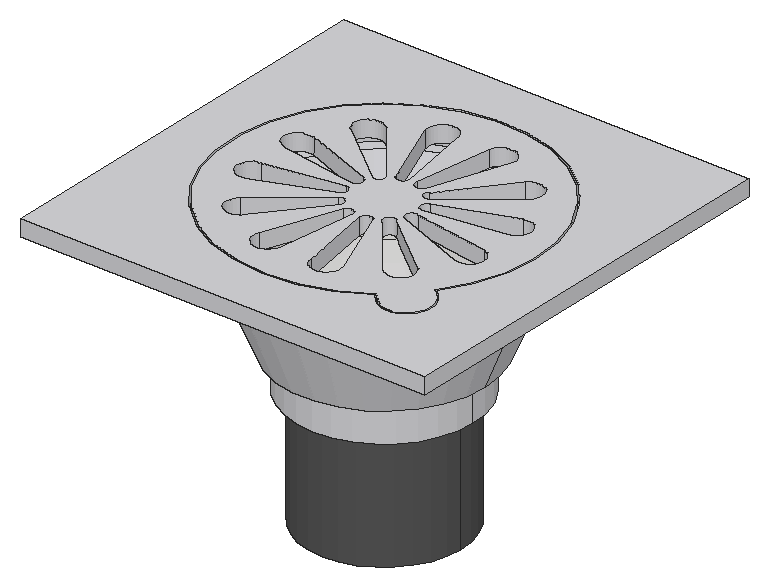
Revit family "Shower-Drain-KOHLER-Complementary-K-7275IN_1", category Plumbing Fixtures, host Face, Revit 2022
Family settings
  Host = Face
  Round Connector Dimension = Use Diameter
  Part Type = Normal
  OmniClass Number = 23.39.29.11
  OmniClass Title = Waste Water Drains
  Cut with Voids When Loaded = No
  Maintain Annotation Orientation = No
  Shared = No
  Room Calculation Point = No
Parameters (values of type "CP-Polished Chrome")
  Width = 3.93701"  # constant formula
  WaterSense Certified = 1 = 0  # no
  Waste Water Outlet = "Waste Water Outlet"  # constant formula
  Waste Connection = 1 = 1  # yes
  Vent Connection = 1 = 0  # no
  URL = "https://www.kohler.co.in/"
  Type = 1
  Product Page URL = "https://www.kohler.co.in/product-detail/7275in?skuid=K-7275IN-CP"
  Product Name = "Complementary"  # constant formula
  Product Documentation Link = ""
  Pressure = 0.00 psi
  Model = if(Type = 1, "K-7275IN-CP", if(Type = 2, "K-7275IN-AF", if(Type = 3, "K-7275IN-BL", if(Type = 4, "K-7275IN-BN", if(Type = 5, "K-7275IN-BV", if(Type = 6, "K-7275IN-RGD", "NA"))))))  # "K-7275IN-CP"
  Material = "Premium Metal Construction"  # constant formula
  Master Format 2014 Name = "Residential Showers"  # constant formula
  Master Format 2014 = "22 42 23"  # constant formula
  Manufacturer Address = "Ambience Office Tower NH-8 Gurgaon / Gurugram Haryana , 122001"  # constant formula
  Manufacturer = "KOHLER Co."  # constant formula
  Length = 3.93701"  # constant formula
  Hot Water Inlet = "Hot Water Inlet"  # constant formula
  Height = 2.79528"  # constant formula
  HW Connection = 1 = 0  # no
  Flow Rate = 0 GPM
  Finish = Kohler-Metal-CP-Polished_Chrome
  Environmental Product Declaration = ""
  Drain Included = 1 = 1  # yes
  Description = "Floor Drain"  # constant formula
  Default Elevation = 0"
  Declare Label = ""
  Date Modified = "02/14/2022"  # constant formula
  Date Created = "02/14/2022"  # constant formula
  Copyright = "Copyright KOHLER Co."  # constant formula
  Contact Us = "https://www.kohler.co.in/contact-us"
  Cold Water Inlet = "Cold Water Inlet"  # constant formula
  CW Connection = 1 = 0  # no
  Assembly Code = "D2010700"
  ADA Compliant = 1 = 0  # no
Types (7): name | Type | Product Page URL | Model | Finish
  (no name) | 1 | "https://www.kohler.co.in/product-detail/7275in?skuid=K-7275IN-CP" | "K-7275IN-CP" | Kohler-Metal-CP-Polished_Chrome
  CP-Polished Chrome | 1 | "https://www.kohler.co.in/product-detail/7275in?skuid=K-7275IN-CP" | "K-7275IN-CP" | Kohler-Metal-CP-Polished_Chrome
  AF-Vibrant French Gold | 2 | "https://www.kohler.co.in/product-detail/7275in?skuid=K-7275IN-AF" | "K-7275IN-AF" | Kohler-Metal-AF-Vibrant_French_Gold
  BL-Matte Black | 3 | "https://www.kohler.co.in/product-detail/7275in?skuid=K-7275IN-BL" | "K-7275IN-BL" | Kohler-Metal-BL-Matte_Black
  BN-Vibrant Brushed Nickel | 4 | "https://www.kohler.co.in/product-detail/7275in?skuid=K-7275IN-BN" | "K-7275IN-BN" | Kohler-Metal-BN-Vibrant_Brushed_Nickel
  BV-Brushed Bronze | 5 | "https://www.kohler.co.in/product-detail/7275in?skuid=K-7275IN-BV" | "K-7275IN-BV" | Kohler-Metal-BV-Brushed_Bronze
  RGD-Polished Rose Gold | 6 | "https://www.kohler.co.in/product-detail/7275in?skuid=K-7275IN-RGD" | "K-7275IN-RGD" | Kohler-Metal-RGD-Polished_Rose_Gold
Reference planes (in)
  plane 1 "Center (Front/Back)": y = 0
  plane 2: z = 0
  plane 3 "Center (Left/Right)": x = 0
  plane 4: y = 1.9685
  plane 5: y = -1.9685
  plane 6: x = 1.9685
  plane 7: x = -1.9685
  plane 8: z = -2.79528
  plane 9: z = -1.65354
  plane 10: z = -0.15748
  plane 11: x = -0.86614
  plane 12: x = 0.86614
Forms (in)
  Revolve 1, void
    sketch origin (0, 0, 0) x (1, 0, 0) y (0, 0, 1)
      loop
        line (0, -2.79528) -> (0, -0.15748) -> (-1.6533, -0.15748) -> (-1.6533, -2.79528) -> (0, -2.79528)
      axis (0, -2.79528) -> (0, -0.15748)
    angle from 0 to 360
  Extrusion 2, void
    sketch origin (0, 0, 0) x (1, 0, 0) y (0, 1, 0)
      loop
        line (-1.9685, 1.9685) -> (-1.9685, -1.9685) -> (1.9685, -1.9685) -> (1.9685, 1.9685) -> (-1.9685, 1.9685)
    from -0.15748 to 0.03937
Dimensions and locks (in)
  "Width": plane 7 to plane 6
  "Length": plane 5 to plane 4
  level to plane 10 = 0.15748"
  level to plane 9 = 1.65354"
  "Height": level to plane 8
  aligned and locked: plane 2 to host face
  aligned and locked: level to host face
Automatic sketch dimensions
  host sketch curve to host sketch curve = 96"  (x2)
  Revolve 1 sketch curve to plane 8 = 0"
  Revolve 1 sketch curve to plane 10 = 0"
  Revolve 1 sketch curve to plane 3 "Center (Left/Right)" = 0"  (x2)
  Revolve 1 sketch curve to plane 7 = 0.3152"
  Revolve 1 sketch curve to plane 9 = 0.55118"
  Revolve 1 sketch curve to plane 9 = 0.15748"
  plane 5 to Extrusion 2 sketch curve = 0"
  Extrusion 2 sketch curve to plane 7 = 0"
  Extrusion 2 sketch curve to plane 4 = 0"
  Extrusion 2 sketch curve to plane 6 = 0"
Nested families (in)
  nested 1: "K-7275IN" at (0, 0, 0), type "K-7275IN"
Connectors (in)
  piping at (0, 0, -2.79528), diameter 1.5, driven by "Waste Connection", driven by "Waste Water Outlet"
    settings: on nested 1, index 1, connector inside diameter 24", connector length 0", flow factor 0, pipe flow 0 GPM, pressure drop 0.00 psi, fitting loss kfactor 0, connector angle 0.00°, fixture units 0, engagement length 0", angle of deflection 0.00°, flow configuration 0, flow direction 2, fitting loss method 0, system type 16, joint type 0, gender type 0, connector reference index -1, connector utility 1, adjustable connector no, is connector primary yes, connector description "Waste Water Outlet"
Definition of nested family "K-7275IN"
  Parameters (values of type "K-7275IN")
    Material = none
    Default Elevation = 0"
  Reference planes (in)
    plane 1 "Center (Front/Back)": y = 0
    plane 2: z = 0
    plane 3 "Center (Left/Right)": x = 0
    plane 4: y = 1.9685
    plane 5: y = -1.9685
    plane 6: x = 1.9685
    plane 7: x = -1.9685
    plane 8: z = -2.79528
    plane 9: z = -1.65354
    plane 10: z = -0.15748
  Forms (in)
    Revolve 1, solid, material <- "Material", detail levels medium+fine
      sketch origin (0, 0, 0) x (1, 0, 0) y (0, 0, 1)
        loop
          line (-1.53543, -0.15748) -> (-1.53543, -0.3937) -> (-1.3648, -0.3937) -> (-0.98425, -1.29921) -> (-0.86614, -1.29921) -> (-0.86614, -1.65354) -> (-0.68898, -1.65354) -> (-0.68898, -0.94167) -> (-0.79724, -0.94167) -> (-0.79724, -1.24016) -> (-0.93459, -1.24016) -> (-1.32679, -0.30692) -> (-1.43913, -0.30692) -> (-1.43913, -0.15748) -> (-1.53543, -0.15748)
        axis (0, -1.65354) -> (0, -0.15748)
      angle from 0 to 360
    Extrusion 2, solid, material <- "Material", detail levels medium+fine
      sketch origin (0, 0, 0) x (1, 0, 0) y (0, 1, 0)
        loop
          line (-1.9685, 1.9685) -> (-1.9685, -1.9685) -> (1.9685, -1.9685) -> (1.9685, 1.9685) -> (-1.9685, 1.9685)
      from -0.15748 to 0
    Extrusion 3, void
      sketch origin (0, 0, 0) x (1, 0, 0) y (0, 1, 0)
        loop
          arc (0.03325, 0.35237) -> (0.07667, 0.28552) -> (0.14769, 0.32171) r 0.05956
          line (0.14769, 0.32171) -> (0.41386, 1.01511)
          arc (0.41386, 1.01511) -> (0.32099, 1.19736) -> (0.14944, 1.08596) r 0.13762
          line (0.14944, 1.08596) -> (0.03325, 0.35237)
        loop
          arc (0.20499, 0.28854) -> (0.20916, 0.20894) -> (0.28876, 0.20477) r 0.05956
          line (0.28876, 0.20477) -> (0.86596, 0.67218)
          arc (0.86596, 0.67218) -> (0.87667, 0.87645) -> (0.6724, 0.86574) r 0.13762
          line (0.6724, 0.86574) -> (0.20499, 0.28854)
        loop
          arc (0.32179, 0.14739) -> (0.2856, 0.07637) -> (0.35245, 0.03295) r 0.05956
          line (0.35245, 0.03295) -> (1.08604, 0.14914)
          arc (1.08604, 0.14914) -> (1.19744, 0.32069) -> (1.01519, 0.41356) r 0.13762
          line (1.01519, 0.41356) -> (0.32179, 0.14739)
        loop
          line (0.03325, -0.35237) -> (0.14944, -1.08596)
          arc (0.14944, -1.08596) -> (0.32099, -1.19736) -> (0.41386, -1.01511) r 0.13762
          line (0.41386, -1.01511) -> (0.14769, -0.32171)
          arc (0.14769, -0.32171) -> (0.07667, -0.28552) -> (0.03325, -0.35237) r 0.05956
        loop
          line (0.20499, -0.28854) -> (0.6724, -0.86574)
          arc (0.6724, -0.86574) -> (0.87667, -0.87645) -> (0.86596, -0.67218) r 0.13762
          line (0.86596, -0.67218) -> (0.28876, -0.20477)
          arc (0.28876, -0.20477) -> (0.20916, -0.20894) -> (0.20499, -0.28854) r 0.05956
        loop
          line (0.32179, -0.14739) -> (1.01519, -0.41356)
          arc (1.01519, -0.41356) -> (1.19744, -0.32069) -> (1.08604, -0.14914) r 0.13762
          line (1.08604, -0.14914) -> (0.35245, -0.03295)
          arc (0.35245, -0.03295) -> (0.2856, -0.07637) -> (0.32179, -0.14739) r 0.05956
        loop
          line (-0.03325, 0.35237) -> (-0.14944, 1.08596)
          arc (-0.14944, 1.08596) -> (-0.32099, 1.19736) -> (-0.41386, 1.01511) r 0.13762
          line (-0.41386, 1.01511) -> (-0.14769, 0.32171)
          arc (-0.14769, 0.32171) -> (-0.07667, 0.28552) -> (-0.03325, 0.35237) r 0.05956
        loop
          line (-0.20499, 0.28854) -> (-0.6724, 0.86574)
          arc (-0.6724, 0.86574) -> (-0.87667, 0.87645) -> (-0.86596, 0.67218) r 0.13762
          line (-0.86596, 0.67218) -> (-0.28876, 0.20477)
          arc (-0.28876, 0.20477) -> (-0.20916, 0.20894) -> (-0.20499, 0.28854) r 0.05956
        loop
          line (-0.32179, 0.14739) -> (-1.01519, 0.41356)
          arc (-1.01519, 0.41356) -> (-1.19744, 0.32069) -> (-1.08604, 0.14914) r 0.13762
          line (-1.08604, 0.14914) -> (-0.35245, 0.03295)
          arc (-0.35245, 0.03295) -> (-0.2856, 0.07637) -> (-0.32179, 0.14739) r 0.05956
        loop
          arc (-0.03325, -0.35237) -> (-0.07667, -0.28552) -> (-0.14769, -0.32171) r 0.05956
          line (-0.14769, -0.32171) -> (-0.41386, -1.01511)
          arc (-0.41386, -1.01511) -> (-0.32099, -1.19736) -> (-0.14944, -1.08596) r 0.13762
          line (-0.14944, -1.08596) -> (-0.03325, -0.35237)
        loop
          arc (-0.20499, -0.28854) -> (-0.20916, -0.20894) -> (-0.28876, -0.20477) r 0.05956
          line (-0.28876, -0.20477) -> (-0.86596, -0.67218)
          arc (-0.86596, -0.67218) -> (-0.87667, -0.87645) -> (-0.6724, -0.86574) r 0.13762
          line (-0.6724, -0.86574) -> (-0.20499, -0.28854)
        loop
          arc (-0.32179, -0.14739) -> (-0.2856, -0.07637) -> (-0.35245, -0.03295) r 0.05956
          line (-0.35245, -0.03295) -> (-1.08604, -0.14914)
          arc (-1.08604, -0.14914) -> (-1.19744, -0.32069) -> (-1.01519, -0.41356) r 0.13762
          line (-1.01519, -0.41356) -> (-0.32179, -0.14739)
        loop
          arc (1.21323, -0.86524) -> (-1.0537, 1.0537) -> (0.86524, -1.21323) r 1.49016
          line (0.86524, -1.21323) -> (0.92649, -1.27447)
          arc (0.92649, -1.27447) -> (1.27447, -1.27447) -> (1.27447, -0.92649) r 0.24606
          line (1.27447, -0.92649) -> (1.21323, -0.86524)
        loop
          arc (1.18746, -0.86731) -> (-1.03978, 1.03978) -> (0.86731, -1.18746) r 1.47047
          line (0.86731, -1.18746) -> (0.94041, -1.26055)
          arc (0.94041, -1.26055) -> (1.26055, -1.26055) -> (1.26055, -0.94041) r 0.22638
          line (1.26055, -0.94041) -> (1.18746, -0.86731)
      from -0.38583 to 0.32412
    Extrusion 4, solid
      sketch origin (0, 0, 0) x (1, 0, 0) y (0, 1, 0)
        loop
          circle (0, 0) r 0.74803
        loop
          circle (0, 0) r 0.68898
      from -2.79528 to -1.65354
    Extrusion 5, solid, detail levels medium+fine
      sketch origin (0, 0, 0) x (1, 0, 0) y (0, 1, 0)
        loop
          circle (0, 0) r 0.19685
      from -2.79528 to -2.75591
    Extrusion 6, solid, material <- "Material", detail levels coarse
      sketch origin (0, 0, 0) x (1, 0, 0) y (0, 1, 0)
        loop
          line (-1.9685, 1.9685) -> (-1.9685, -1.9685) -> (1.9685, -1.9685) -> (1.9685, 1.9685) -> (-1.9685, 1.9685)
        loop
          circle (0, 0) r 1.47047
        loop
          circle (0, 0) r 1.37795
      from -0.15748 to 0
    Revolve 7, solid, material <- "Material", detail levels coarse
      sketch origin (0, 0, 0) x (1, 0, 0) y (0, 0, 1)
        loop
          line (-0.74803, -1.65354) -> (0, -1.65354) -> (0, -0.15748) -> (-1.53543, -0.15748) -> (-0.74803, -1.65354)
        axis (0, -1.65354) -> (0, -0.15748)
      angle from 0 to 360
    Revolve 8, solid, detail levels medium+fine
      sketch origin (0, 0, 0) x (1, 0, 0) y (0, 0, 1)
        loop
          line (-0.68898, -0.94167) -> (-0.68898, -0.61811) -> (0, -0.61811) -> (0, -0.50254) -> (-0.1009, -0.50254) -> (-0.1009, -0.1378) -> (-0.2274, -0.1378)
          arc (-0.2274, -0.1378) -> (-0.29223, -0.14317) -> (-0.35529, -0.15915) r 0.3937
          arc (-0.35529, -0.15915) -> (-0.65309, -0.31474) -> (-0.89131, -0.55168) r 1.11955
          arc (-0.89131, -0.55168) -> (-0.92829, -0.61939) -> (-0.94549, -0.69461) r 0.28136
          line (-0.94549, -0.69461) -> (-0.96711, -0.94167) -> (-0.68898, -0.94167)
        axis (0, -0.94167) -> (0, -0.1378)
      angle from 0 to 360
  Cuts and joins
    Extrusion 3 cuts Extrusion 2
    joined: Extrusion 6, Revolve 7
  Lines and regions (in)
    Masking region 1
      outline origin (0, 0, 0) x (1, 0, 0) y (0, 1, 0)
        loop
          line (-1.9685, 1.9685) -> (-1.9685, -1.9685) -> (1.9685, -1.9685) -> (1.9685, 1.9685) -> (-1.9685, 1.9685)
    Masking region 2
      outline origin (0, 0, 0) x (1, 0, 0) y (0, 0, 1)
        loop
          line (-0.74803, -2.79528) -> (0.74803, -2.79528) -> (0.74803, -1.65354) -> (0.86614, -1.65354) -> (0.86614, -1.29921) -> (0.98425, -1.29921) -> (1.3648, -0.3937) -> (1.53543, -0.3937) -> (1.53543, -0.15748) -> (1.9685, -0.15748) -> (1.9685, 0) -> (-1.9685, 0) -> (-1.9685, -0.15748) -> (-1.53543, -0.15748) -> (-1.53543, -0.3937) -> (-1.3648, -0.3937) -> (-0.98425, -1.29921) -> (-0.86614, -1.29921) -> (-0.86614, -1.65354) -> (-0.74803, -1.65354) -> (-0.74803, -2.79528)
    Masking region 3
      outline origin (0, 0, 0) x (0, 1, 0) y (0, 0, 1)
        loop
          line (0.74803, -2.79528) -> (0.74803, -1.65354) -> (0.86614, -1.65354) -> (0.86614, -1.29921) -> (0.98425, -1.29921) -> (1.3648, -0.3937) -> (1.53543, -0.3937) -> (1.53543, -0.15748) -> (1.9685, -0.15748) -> (1.9685, 0) -> (-1.9685, 0) -> (-1.9685, -0.15748) -> (-1.53543, -0.15748) -> (-1.53543, -0.3937) -> (-1.3648, -0.3937) -> (-0.98425, -1.29921) -> (-0.86614, -1.29921) -> (-0.86614, -1.65354) -> (-0.74803, -1.65354) -> (-0.74803, -2.79528) -> (0.74803, -2.79528)
    symbolic lines, detail levels medium+fine
      curve 1: line (0.03325, 0.35237, 0) -> (0.14944, 1.08596, 0)
      curve 2: line (0.14769, 0.32171, 0) -> (0.41386, 1.01511, 0)
      curve 3: arc (0.14944, 1.08596, 0) -> (0.32099, 1.19736, 0) -> (0.41386, 1.01511, 0) r 0.13762
      curve 4: arc (0.14769, 0.32171, 0) -> (0.07667, 0.28552, 0) -> (0.03325, 0.35237, 0) r 0.05956
      curve 5: line (0.20499, 0.28854, 0) -> (0.6724, 0.86574, 0)
      curve 6: line (0.28876, 0.20477, 0) -> (0.86596, 0.67218, 0)
      curve 7: arc (0.6724, 0.86574, 0) -> (0.87667, 0.87645, 0) -> (0.86596, 0.67218, 0) r 0.13762
      curve 8: arc (0.28876, 0.20477, 0) -> (0.20916, 0.20894, 0) -> (0.20499, 0.28854, 0) r 0.05956
      curve 9: line (0.32179, 0.14739, 0) -> (1.01519, 0.41356, 0)
      curve 10: line (0.35245, 0.03295, 0) -> (1.08604, 0.14914, 0)
      curve 11: arc (1.01519, 0.41356, 0) -> (1.19744, 0.32069, 0) -> (1.08604, 0.14914, 0) r 0.13762
      curve 12: arc (0.35245, 0.03295, 0) -> (0.2856, 0.07637, 0) -> (0.32179, 0.14739, 0) r 0.05956
      curve 13: line (0.03325, -0.35237, 0) -> (0.14944, -1.08596, 0)
      curve 14: line (0.14769, -0.32171, 0) -> (0.41386, -1.01511, 0)
      curve 15: arc (0.14944, -1.08596, 0) -> (0.32099, -1.19736, 0) -> (0.41386, -1.01511, 0) r 0.13762
      curve 16: arc (0.14769, -0.32171, 0) -> (0.07667, -0.28552, 0) -> (0.03325, -0.35237, 0) r 0.05956
      curve 17: line (0.20499, -0.28854, 0) -> (0.6724, -0.86574, 0)
      curve 18: line (0.28876, -0.20477, 0) -> (0.86596, -0.67218, 0)
      curve 19: arc (0.6724, -0.86574, 0) -> (0.87667, -0.87645, 0) -> (0.86596, -0.67218, 0) r 0.13762
      curve 20: arc (0.28876, -0.20477, 0) -> (0.20916, -0.20894, 0) -> (0.20499, -0.28854, 0) r 0.05956
      curve 21: line (0.32179, -0.14739, 0) -> (1.01519, -0.41356, 0)
      curve 22: line (0.35245, -0.03295, 0) -> (1.08604, -0.14914, 0)
      curve 23: arc (1.01519, -0.41356, 0) -> (1.19744, -0.32069, 0) -> (1.08604, -0.14914, 0) r 0.13762
      curve 24: arc (0.35245, -0.03295, 0) -> (0.2856, -0.07637, 0) -> (0.32179, -0.14739, 0) r 0.05956
      curve 25: line (-0.03325, 0.35237, 0) -> (-0.14944, 1.08596, 0)
      curve 26: line (-0.14769, 0.32171, 0) -> (-0.41386, 1.01511, 0)
      curve 27: arc (-0.14944, 1.08596, 0) -> (-0.32099, 1.19736, 0) -> (-0.41386, 1.01511, 0) r 0.13762
      curve 28: arc (-0.14769, 0.32171, 0) -> (-0.07667, 0.28552, 0) -> (-0.03325, 0.35237, 0) r 0.05956
      curve 29: line (-0.20499, 0.28854, 0) -> (-0.6724, 0.86574, 0)
      curve 30: line (-0.28876, 0.20477, 0) -> (-0.86596, 0.67218, 0)
      curve 31: arc (-0.6724, 0.86574, 0) -> (-0.87667, 0.87645, 0) -> (-0.86596, 0.67218, 0) r 0.13762
      curve 32: arc (-0.28876, 0.20477, 0) -> (-0.20916, 0.20894, 0) -> (-0.20499, 0.28854, 0) r 0.05956
      curve 33: line (-0.32179, 0.14739, 0) -> (-1.01519, 0.41356, 0)
      curve 34: line (-0.35245, 0.03295, 0) -> (-1.08604, 0.14914, 0)
      curve 35: arc (-1.01519, 0.41356, 0) -> (-1.19744, 0.32069, 0) -> (-1.08604, 0.14914, 0) r 0.13762
      curve 36: arc (-0.35245, 0.03295, 0) -> (-0.2856, 0.07637, 0) -> (-0.32179, 0.14739, 0) r 0.05956
      curve 37: line (-0.03325, -0.35237, 0) -> (-0.14944, -1.08596, 0)
      curve 38: line (-0.14769, -0.32171, 0) -> (-0.41386, -1.01511, 0)
      curve 39: arc (-0.14944, -1.08596, 0) -> (-0.32099, -1.19736, 0) -> (-0.41386, -1.01511, 0) r 0.13762
      curve 40: arc (-0.14769, -0.32171, 0) -> (-0.07667, -0.28552, 0) -> (-0.03325, -0.35237, 0) r 0.05956
      curve 41: line (-0.20499, -0.28854, 0) -> (-0.6724, -0.86574, 0)
      curve 42: line (-0.28876, -0.20477, 0) -> (-0.86596, -0.67218, 0)
      curve 43: arc (-0.6724, -0.86574, 0) -> (-0.87667, -0.87645, 0) -> (-0.86596, -0.67218, 0) r 0.13762
      curve 44: arc (-0.28876, -0.20477, 0) -> (-0.20916, -0.20894, 0) -> (-0.20499, -0.28854, 0) r 0.05956
      curve 45: line (-0.32179, -0.14739, 0) -> (-1.01519, -0.41356, 0)
      curve 46: line (-0.35245, -0.03295, 0) -> (-1.08604, -0.14914, 0)
      curve 47: arc (-1.01519, -0.41356, 0) -> (-1.19744, -0.32069, 0) -> (-1.08604, -0.14914, 0) r 0.13762
      curve 48: arc (-0.35245, -0.03295, 0) -> (-0.2856, -0.07637, 0) -> (-0.32179, -0.14739, 0) r 0.05956
      curve 49: arc (1.21323, -0.86524, 0) -> (-1.06211, 1.06211, 0) -> (0.86524, -1.21323, 0) r 1.49606
      curve 50: arc (0.92649, -1.27447, 0) -> (1.27447, -1.27447, 0) -> (1.27447, -0.92649, 0) r 0.24606
      curve 51: line (1.27447, -0.92649, 0) -> (1.21323, -0.86524, 0)
      curve 52: line (0.86524, -1.21323, 0) -> (0.92649, -1.27447, 0)
      curve 53: arc (1.18746, -0.86731, 0) -> (-1.04818, 1.04818, 0) -> (0.86731, -1.18746, 0) r 1.47638
      curve 54: line (0.86731, -1.18746, 0) -> (0.94041, -1.26055, 0)
      curve 55: arc (0.94041, -1.26055, 0) -> (1.26055, -1.26055, 0) -> (1.26055, -0.94041, 0) r 0.22638
      curve 56: line (1.26055, -0.94041, 0) -> (1.18746, -0.86731, 0)
      curve 57: arc (0.36666, 0.89216, 0) -> (0.2498, 0.93166, 0) -> (0.12885, 0.95592, 0) r 0.96457
      curve 58: arc (0.76362, 0.5893, 0) -> (0.68216, 0.68194, 0) -> (0.58955, 0.76343, 0) r 0.96457
      curve 59: arc (0.95596, 0.12854, 0) -> (0.93174, 0.2495, 0) -> (0.89228, 0.36638, 0) r 0.96457
      curve 60: arc (0.36666, -0.89216, 0) -> (0.2498, -0.93166, 0) -> (0.12885, -0.95592, 0) r 0.96457
      curve 61: arc (0.76362, -0.5893, 0) -> (0.68216, -0.68194, 0) -> (0.58955, -0.76343, 0) r 0.96457
      curve 62: arc (0.95596, -0.12854, 0) -> (0.93174, -0.2495, 0) -> (0.89228, -0.36638, 0) r 0.96457
      curve 63: arc (-0.36666, 0.89216, 0) -> (-0.2498, 0.93166, 0) -> (-0.12885, 0.95592, 0) r 0.96457
      curve 64: arc (-0.76362, 0.5893, 0) -> (-0.68216, 0.68194, 0) -> (-0.58955, 0.76343, 0) r 0.96457
      curve 65: arc (-0.95596, 0.12854, 0) -> (-0.93174, 0.2495, 0) -> (-0.89228, 0.36638, 0) r 0.96457
      curve 66: arc (-0.36666, -0.89216, 0) -> (-0.2498, -0.93166, 0) -> (-0.12885, -0.95592, 0) r 0.96457
      curve 67: arc (-0.76362, -0.5893, 0) -> (-0.68216, -0.68194, 0) -> (-0.58955, -0.76343, 0) r 0.96457
      curve 68: arc (-0.95596, -0.12854, 0) -> (-0.93174, -0.2495, 0) -> (-0.89228, -0.36638, 0) r 0.96457
      curve 69: line (-0.74803, 0, -1.65354) -> (0.74803, 0, -1.65354)
      curve 70: line (-0.86614, 0, -1.29921) -> (0.86614, 0, -1.29921)
      curve 71: line (-1.3648, 0, -0.3937) -> (1.3648, 0, -0.3937)
      curve 72: line (-1.53543, 0, -0.15748) -> (1.53543, 0, -0.15748)
      curve 73: line (0, 1.53543, -0.15748) -> (0, -1.53543, -0.15748)
      curve 74: line (0, 1.3648, -0.3937) -> (0, -1.3648, -0.3937)
      curve 75: line (0, 0.86614, -1.29921) -> (0, -0.86614, -1.29921)
      curve 76: line (0, 0.74803, -1.65354) -> (0, -0.74803, -1.65354)
      curve 77: arc (-0.74832, 0.57691, 0) -> (-0.66824, 0.66802, 0) -> (-0.57716, 0.74813, 0) r 0.94488
      curve 78: arc (-0.37372, 0.91054, 0) -> (-0.25489, 0.95067, 0) -> (-0.13193, 0.97537, 0) r 0.98425
      curve 79: arc (0.37372, 0.91054, 0) -> (0.25489, 0.95067, 0) -> (0.13193, 0.97537, 0) r 0.98425
      curve 80: arc (0.77892, 0.60169, 0) -> (0.69608, 0.69586, 0) -> (0.60194, 0.77873, 0) r 0.98425
      curve 81: arc (0.97541, 0.13162, 0) -> (0.95075, 0.25459, 0) -> (0.91066, 0.37343, 0) r 0.98425
      curve 82: arc (0.97541, -0.13162, 0) -> (0.95075, -0.25459, 0) -> (0.91066, -0.37343, 0) r 0.98425
      curve 83: arc (0.77892, -0.60169, 0) -> (0.69608, -0.69586, 0) -> (0.60194, -0.77873, 0) r 0.98425
      curve 84: arc (0.37372, -0.91054, 0) -> (0.25489, -0.95067, 0) -> (0.13193, -0.97537, 0) r 0.98425
      curve 85: arc (-0.37372, -0.91054, 0) -> (-0.25489, -0.95067, 0) -> (-0.13193, -0.97537, 0) r 0.98425
      curve 86: arc (-0.77892, -0.60169, 0) -> (-0.69608, -0.69586, 0) -> (-0.60194, -0.77873, 0) r 0.98425
      curve 87: arc (-0.97541, -0.13162, 0) -> (-0.95075, -0.25459, 0) -> (-0.91066, -0.37343, 0) r 0.98425
      curve 88: arc (-0.97541, 0.13162, 0) -> (-0.95075, 0.25459, 0) -> (-0.91066, 0.37343, 0) r 0.98425
  Dimensions and locks (in)
    plane 7 to plane 6 = 3.93701"
    plane 4 to plane 5 = 3.93701"
    level to plane 8 = 2.79528"
    level to plane 9 = 1.65354"
    level to plane 10 = 0.15748"
    aligned and locked: plane 2 to level
    aligned and locked: Extrusion 2 to plane 10
    aligned and locked: level to Extrusion 2
    aligned and locked: Extrusion 5 to plane 8
